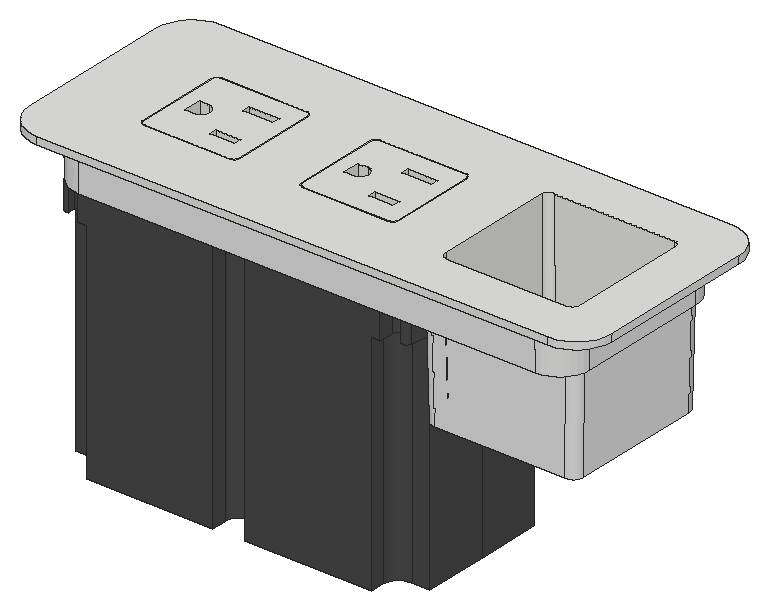
Revit family "Electrical-Teknion-YEFPW_Flush_Power_Module_WE_Connect-R2022", category Furniture, Revit 2023
Family settings
  OmniClass Number = 23.40.20.00
  OmniClass Title = General Furniture and Specialties
  Work Plane-Based = No
  Enable Cutting in Views = No
  Always vertical = Yes
  Cut with Voids When Loaded = No
  Render Appearance Source = Family Geometry
  Shared = Yes
  Room Calculation Point = No
Parameters (values of type "Rectangular Faceplate")
  Width [instance] = if([AH - Dual], 4.724", 6.496")  # 6.496"
  Warranty = "http://www.teknion.com/ca/papers/legal-canada"
  Unit Weight URL = "http://www.teknion.com/ca/tools/assets#&asset=bee6a381-b954-425e-8283-5a2de3a804f2,f828d448-4b62-4231-9e5f-9a8991c0ed77"
  URL = "www.teknion.com"
  Triple Configuration Options [instance] = "Only Pick One from Below"  # constant formula
  Triple - 3 - USB (65W) [instance] = [AZ - 2 Power/ 1 USB - A+C (65W)]  # no
  Triple - 3 - USB (18W) [instance] = [BA - 2 Power/ 1 USB -  A+C (18W)]  # no
  Triple - 3 - Power [instance] = [BJ - 3 Power]  # no
  Triple - 2 - USB (65W) [instance] = and([T - Rectangular With Pass Through], [AJ - 1 Power/ 1 USB - A+C (65W)])  # no
  Triple - 2 - USB (18W) [instance] = and([T - Rectangular With Pass Through], [AM - 1 Power/ 1 USB - A+C (18W)])  # no
  Triple - 2 - Power [instance] = or([AZ - 2 Power/ 1 USB - A+C (65W)], [BA - 2 Power/ 1 USB -  A+C (18W)], [BJ - 3 Power], (and([T - Rectangular With Pass Through], [AS - 2 Power])))  # yes
  Triple - 1 - Power [instance] = or([AZ - 2 Power/ 1 USB - A+C (65W)], [BA - 2 Power/ 1 USB -  A+C (18W)], [BJ - 3 Power], (and([T - Rectangular With Pass Through], [AJ - 1 Power/ 1 USB - A+C (65W)])), (and([T - Rectangular With Pass Through], [AM - 1 Power/ 1 USB - A+C (18W)])), (and([T - Rectangular With Pass Through], [AS - 2 Power])))  # yes
  To render please download texture images found here [instance] = "https://assets.teknion.com/web/5e81352c1dfdb467/revit-material-swatches/"
  T - Rectangular With Pass Through = yes
  Sustainability Data = "https://www.teknion.com/ca/tools/assets#&topic=216f99a5-57a0-44fc-b10a-9dee9b29ae4c&asset=444deb64-fe58-4b68-981e-f75e97781df7,b4ff2d81-9f2e-437d-9659-7cffb09c31cf"
  Series = "Power Accessories"  # constant formula
  Receptacle Finish [instance] = Plastic - Teknion - 8D - Atrium White
  R - Rectangular = no
  Product Page URL = "https://www.teknion.com/ca/product/accessories/power-accessories"
  Product Line = "Electrical"  # constant formula
  Product Documentation Link = "https://www.teknion.com/pricing/complements/pdfs/YEFPW_ppg.pdf"
  Part Number = "YEFPW"  # constant formula
  Model = "YEFPWR___"
  Manufacturer Phone = "416-661-3370"  # constant formula
  Manufacturer Fax = "416.661.4586"  # constant formula
  Manufacturer Contact Information = "http://www.teknion.com/ca/contactus"
  Manufacturer Address = "1150 Flint Road, Toronto, ON. M3J 2J5. Canada"  # constant formula
  Manufacturer = "Teknion"  # constant formula
  MR - T + AJ [instance] = and([T - Rectangular With Pass Through], [AJ - Triple])  # yes
  MR - R + AJ [instance] = and([R - Rectangular], [AJ - Triple])  # no
  MR - R + AH [instance] = and([R - Rectangular], [AH - Dual])  # no
  MR - C + AH [instance] = and([C - Circular], [AH - Dual])  # no
  How To Use Teknion Materials User Guide [instance] = "https://assets.teknion.com/m/205dd0a49fa58060/original/How-to-add-a-Material-Library-and-Texture-Images-to-your-Revit-project.pdf"
  For Additional Finishes please visit [instance] = "https://assets.teknion.com/m/44a8009b046e5d47/original/Teknion_Materials_Library.zip"
  Faceplate Style = "Only Pick One from Below"  # constant formula
  Faceplate Finish [instance] = Paint - Teknion - Foundation - Crisp Grey
  Faceplate - R + AJ [instance] = and([R - Rectangular], [AJ - Triple])  # no
  Faceplate - R + AH [instance] = and([R - Rectangular], [AH - Dual])  # no
  Electrical Cut Out [instance] = if([C - Circular], "Only dual cut out available for circular faceplate.", if([T - Rectangular With Pass Through], "Only triple cut out available for rectangular with pass through faceplate.", "Select one option for electrical cut out."))  # "Only triple cut out available for rectangular with pass through faceplate."
  Dual Configuration Options [instance] = "Only Pick One from Below"  # constant formula
  Dual - 2 - USB (65W) [instance] = and([AH - Dual], [AJ - 1 Power/ 1 USB - A+C (65W)])  # no
  Dual - 2 - USB (18W) [instance] = and([AH - Dual], [AM - 1 Power/ 1 USB - A+C (18W)])  # no
  Dual - 2 - Power [instance] = and([AH - Dual], [AS - 2 Power])  # no
  Dual - 1 - Power [instance] = and([AH - Dual], (or([AJ - 1 Power/ 1 USB - A+C (65W)], [AM - 1 Power/ 1 USB - A+C (18W)], [AS - 2 Power])))  # no
  Description = "Flush Power Module, WE Connect, Rectangular Faceplate Style"
  Depth [instance] = if([C - Circular], 4.724", 2.559")  # 2.559"
  Default Elevation = 0.000"
  Configuration [instance] = if([C - Circular], "Select one option only for configuration. Only AJ, AM & AS available for circular faceplate.", if([T - Rectangular With Pass Through], "Select one option only for configuration. Only AJ, AM & AS available for rectangular with pass through faceplate.", "Select one option only for configuration. AJ, AM & AS available for dual electrical cut out. AZ, BA, BJ available for triple electrical cut out."))  # "Select one option only for configuration. Only AJ, AM & AS available for rectangular with pass through faceplate."
  C - Circular = no
  Body 3 - 3R [instance] = and([R - Rectangular], [AJ - Triple])  # no
  Body 2 - T [instance] = and([T - Rectangular With Pass Through], [AJ - Triple])  # yes
  Body 2 - C & 2R [instance] = and((or([C - Circular], [R - Rectangular])), [AH - Dual])  # no
  BJ - 3 Power [instance] = no
  BA - 2 Power/ 1 USB -  A+C (18W) [instance] = no
  Assembly Code = "E2020200"
  AZ - 2 Power/ 1 USB - A+C (65W) [instance] = no
  AS - 2 Power [instance] = yes
  AM - 1 Power/ 1 USB - A+C (18W) [instance] = no
  AJ - Triple [instance] = yes
  AJ - 1 Power/ 1 USB - A+C (65W) [instance] = no
  AH - Dual [instance] = no
  2D - T = [T - Rectangular With Pass Through]  # yes
  2D - R + AJ [instance] = and([R - Rectangular], [AJ - Triple])  # no
  2D - AH [instance] = [AH - Dual]  # no
Reference planes (in)
  plane 1 "Center Front/Back": y = 0
  plane 2: z = 0
  plane 3 "Center Left/Right": x = 0
  plane 4 "Left": x = -2.362
  plane 5 "Right": x = 2.362
  plane 6 "Back": y = 2.362
  plane 7 "Front": y = -2.362
  plane 8 "Top": z = 29.07874
  plane 9: z = 29
  plane 10: z = 25.69291
  plane 11: x = -3.248
  plane 12: x = 3.248
  plane 13: y = 1.2795
  plane 14: y = -1.2795
Forms (in)
  Sweep 1, solid, material "Paint - Teknion - Foundation - Crisp Grey" <- "Faceplate Finish", visible <- "C - Circular"
    path origin (0, 0, 0) x (1, 0, 0) y (0, 0, 1)
      loop
        line (0, 29.07874) -> (0, 29)
    profile origin (0, 0, 29.03937) x (0, -1, 0) y (1, 0, 0)
      loop
        circle (0, 0) r 2.3622
      loop
        arc (0.47383, -1.42854) -> (0.52254, -1.40836) -> (0.54271, -1.35965) r 0.06889
        line (0.54271, -1.35965) -> (0.54271, -0.412)
        arc (0.54271, -0.412) -> (0.52254, -0.36329) -> (0.47383, -0.34311) r 0.06889
        line (0.47383, -0.34311) -> (-0.47383, -0.34311)
        arc (-0.47383, -0.34311) -> (-0.52254, -0.36329) -> (-0.54271, -0.412) r 0.06889
        line (-0.54271, -0.412) -> (-0.54271, -1.35965)
        arc (-0.54271, -1.35965) -> (-0.52254, -1.40836) -> (-0.47383, -1.42854) r 0.06889
        line (-0.47383, -1.42854) -> (0.47383, -1.42854)
      loop
        line (0.47383, 1.42854) -> (-0.47383, 1.42854)
        arc (-0.47383, 1.42854) -> (-0.52254, 1.40836) -> (-0.54271, 1.35965) r 0.06889
        line (-0.54271, 1.35965) -> (-0.54271, 0.412)
        arc (-0.54271, 0.412) -> (-0.52254, 0.36329) -> (-0.47383, 0.34311) r 0.06889
        line (-0.47383, 0.34311) -> (0.47383, 0.34311)
        arc (0.47383, 0.34311) -> (0.52254, 0.36329) -> (0.54271, 0.412) r 0.06889
        line (0.54271, 0.412) -> (0.54271, 1.35965)
        arc (0.54271, 1.35965) -> (0.52254, 1.40836) -> (0.47383, 1.42854) r 0.06889
  SweptBlend 2, solid, material "Paint - Teknion - Foundation - Crisp Grey" <- "Faceplate Finish", visible <- "C - Circular"
    path origin (0, 0, 0) x (1, 0, 0) y (0, 0, 1)
      loop
        line (0, 29) -> (0, 28.52756)
    profile origin (0, 0, 29) x (0, -1, 0) y (1, 0, 0)
      loop
        arc (-1.08243, -1.66561) -> (-0.98226, -1.90745) -> (-0.74041, -2.00763) r 0.34202
        line (-0.74041, -2.00763) -> (0.74041, -2.00763)
        arc (0.74041, -2.00763) -> (0.98226, -1.90745) -> (1.08243, -1.66561) r 0.34202
        line (1.08243, -1.66561) -> (1.08243, 1.66561)
        arc (1.08243, 1.66561) -> (0.98226, 1.90745) -> (0.74041, 2.00763) r 0.34202
        line (0.74041, 2.00763) -> (-0.74041, 2.00763)
        arc (-0.74041, 2.00763) -> (-0.98226, 1.90745) -> (-1.08243, 1.66561) r 0.34202
        line (-1.08243, 1.66561) -> (-1.08243, -1.66561)
    end profile origin (0, 0, 28.52756) x (0, -1, 0) y (1, 0, 0)
      loop
        arc (-1.07443, -1.66561) -> (-0.9766, -1.9018) -> (-0.74041, -1.99963) r 0.33402
        line (-0.74041, -1.99963) -> (0.74041, -1.99963)
        arc (0.74041, -1.99963) -> (0.9766, -1.9018) -> (1.07443, -1.66561) r 0.33402
        line (1.07443, -1.66561) -> (1.07443, 1.66561)
        arc (1.07443, 1.66561) -> (0.9766, 1.9018) -> (0.74041, 1.99963) r 0.33402
        line (0.74041, 1.99963) -> (-0.74041, 1.99963)
        arc (-0.74041, 1.99963) -> (-0.9766, 1.9018) -> (-1.07443, 1.66561) r 0.33402
        line (-1.07443, 1.66561) -> (-1.07443, -1.66561)
  SweptBlend 3, void
    path origin (0, 0, 0) x (1, 0, 0) y (0, 0, 1)
      loop
        line (0, 29) -> (0, 28.52756)
    profile origin (0, 0, 29) x (0, -1, 0) y (1, 0, 0)
      loop
        line (-1.00234, -0.1345) -> (-1.00234, -1.67361)
        arc (-1.00234, -1.67361) -> (-0.81111, -1.67127) -> (-0.80172, -1.86228) r 0.1378
        arc (-0.80172, -1.86228) -> (-0.8079, -1.90446) -> (-0.77206, -1.92754) r 0.03936
        line (-0.77206, -1.92754) -> (0.77206, -1.92754)
        arc (0.77206, -1.92754) -> (0.8079, -1.90446) -> (0.80172, -1.86228) r 0.03936
        arc (0.80172, -1.86228) -> (0.81111, -1.67127) -> (1.00234, -1.67361) r 0.1378
        line (1.00234, -1.67361) -> (1.00234, -0.1345)
        arc (1.00234, -0.1345) -> (0.73979, 0) -> (1.00234, 0.1345) r 0.16573
        line (1.00234, 0.1345) -> (1.00234, 1.67361)
        arc (1.00234, 1.67361) -> (0.81111, 1.67127) -> (0.80172, 1.86228) r 0.1378
        arc (0.80172, 1.86228) -> (0.8079, 1.90446) -> (0.77206, 1.92754) r 0.03936
        line (0.77206, 1.92754) -> (-0.77206, 1.92754)
        arc (-0.77206, 1.92754) -> (-0.8079, 1.90446) -> (-0.80172, 1.86228) r 0.03936
        arc (-0.80172, 1.86228) -> (-0.81111, 1.67127) -> (-1.00234, 1.67361) r 0.1378
        line (-1.00234, 1.67361) -> (-1.00234, 0.1345)
        arc (-1.00234, 0.1345) -> (-0.73979, 0) -> (-1.00234, -0.1345) r 0.16573
    end profile origin (0, 0, 28.52756) x (0, -1, 0) y (1, 0, 0)
      loop
        line (-0.9944, -0.14927) -> (-0.9944, -1.65609)
        arc (-0.9944, -1.65609) -> (-0.79927, -1.67181) -> (-0.79569, -1.86755) r 0.1458
        arc (-0.79569, -1.86755) -> (-0.80062, -1.90115) -> (-0.77206, -1.91954) r 0.03136
        line (-0.77206, -1.91954) -> (0.77206, -1.91954)
        arc (0.77206, -1.91954) -> (0.80062, -1.90115) -> (0.79569, -1.86755) r 0.03136
        arc (0.79569, -1.86755) -> (0.79927, -1.67181) -> (0.9944, -1.65609) r 0.1458
        line (0.9944, -1.65609) -> (0.9944, -0.14927)
        arc (0.9944, -0.14927) -> (0.73179, 0) -> (0.9944, 0.14927) r 0.17373
        line (0.9944, 0.14927) -> (0.9944, 1.65609)
        arc (0.9944, 1.65609) -> (0.79927, 1.67181) -> (0.79569, 1.86755) r 0.1458
        arc (0.79569, 1.86755) -> (0.80062, 1.90115) -> (0.77206, 1.91954) r 0.03136
        line (0.77206, 1.91954) -> (-0.77206, 1.91954)
        arc (-0.77206, 1.91954) -> (-0.80062, 1.90115) -> (-0.79569, 1.86755) r 0.03136
        arc (-0.79569, 1.86755) -> (-0.79927, 1.67181) -> (-0.9944, 1.65609) r 0.1458
        line (-0.9944, 1.65609) -> (-0.9944, 0.14927)
        arc (-0.9944, 0.14927) -> (-0.73179, 0) -> (-0.9944, -0.14927) r 0.17373
  SweptBlend 4, solid, material "Paint - Teknion - Foundation - Crisp Grey" <- "Faceplate Finish", visible <- "Faceplate - R + AH"
    path origin (0, 0, 0) x (1, 0, 0) y (0, 0, 1)
      loop
        line (0, 29) -> (0, 28.52756)
    profile origin (0, 0, 29) x (0, -1, 0) y (1, 0, 0)
      loop
        arc (-1.08243, -1.66561) -> (-0.98226, -1.90745) -> (-0.74041, -2.00763) r 0.34202
        line (-0.74041, -2.00763) -> (0.74041, -2.00763)
        arc (0.74041, -2.00763) -> (0.98226, -1.90745) -> (1.08243, -1.66561) r 0.34202
        line (1.08243, -1.66561) -> (1.08243, 1.66561)
        arc (1.08243, 1.66561) -> (0.98226, 1.90745) -> (0.74041, 2.00763) r 0.34202
        line (0.74041, 2.00763) -> (-0.74041, 2.00763)
        arc (-0.74041, 2.00763) -> (-0.98226, 1.90745) -> (-1.08243, 1.66561) r 0.34202
        line (-1.08243, 1.66561) -> (-1.08243, -1.66561)
    end profile origin (0, 0, 28.52756) x (0, -1, 0) y (1, 0, 0)
      loop
        arc (-1.07443, -1.66561) -> (-0.9766, -1.9018) -> (-0.74041, -1.99963) r 0.33402
        line (-0.74041, -1.99963) -> (0.74041, -1.99963)
        arc (0.74041, -1.99963) -> (0.9766, -1.9018) -> (1.07443, -1.66561) r 0.33402
        line (1.07443, -1.66561) -> (1.07443, 1.66561)
        arc (1.07443, 1.66561) -> (0.9766, 1.9018) -> (0.74041, 1.99963) r 0.33402
        line (0.74041, 1.99963) -> (-0.74041, 1.99963)
        arc (-0.74041, 1.99963) -> (-0.9766, 1.9018) -> (-1.07443, 1.66561) r 0.33402
        line (-1.07443, 1.66561) -> (-1.07443, -1.66561)
  SweptBlend 5, void
    path origin (0, 0, 0) x (1, 0, 0) y (0, 0, 1)
      loop
        line (0, 29) -> (0, 28.52756)
    profile origin (0, 0, 29) x (0, -1, 0) y (1, 0, 0)
      loop
        line (-1.00234, -0.1345) -> (-1.00234, -1.67361)
        arc (-1.00234, -1.67361) -> (-0.81111, -1.67127) -> (-0.80172, -1.86228) r 0.1378
        arc (-0.80172, -1.86228) -> (-0.8079, -1.90446) -> (-0.77206, -1.92754) r 0.03936
        line (-0.77206, -1.92754) -> (0.77206, -1.92754)
        arc (0.77206, -1.92754) -> (0.8079, -1.90446) -> (0.80172, -1.86228) r 0.03936
        arc (0.80172, -1.86228) -> (0.81111, -1.67127) -> (1.00234, -1.67361) r 0.1378
        line (1.00234, -1.67361) -> (1.00234, -0.1345)
        arc (1.00234, -0.1345) -> (0.73979, 0) -> (1.00234, 0.1345) r 0.16573
        line (1.00234, 0.1345) -> (1.00234, 1.67361)
        arc (1.00234, 1.67361) -> (0.81111, 1.67127) -> (0.80172, 1.86228) r 0.1378
        arc (0.80172, 1.86228) -> (0.8079, 1.90446) -> (0.77206, 1.92754) r 0.03936
        line (0.77206, 1.92754) -> (-0.77206, 1.92754)
        arc (-0.77206, 1.92754) -> (-0.8079, 1.90446) -> (-0.80172, 1.86228) r 0.03936
        arc (-0.80172, 1.86228) -> (-0.81111, 1.67127) -> (-1.00234, 1.67361) r 0.1378
        line (-1.00234, 1.67361) -> (-1.00234, 0.1345)
        arc (-1.00234, 0.1345) -> (-0.73979, 0) -> (-1.00234, -0.1345) r 0.16573
    end profile origin (0, 0, 28.52756) x (0, -1, 0) y (1, 0, 0)
      loop
        line (-0.9944, -0.14927) -> (-0.9944, -1.65609)
        arc (-0.9944, -1.65609) -> (-0.79927, -1.67181) -> (-0.79569, -1.86755) r 0.1458
        arc (-0.79569, -1.86755) -> (-0.80062, -1.90115) -> (-0.77206, -1.91954) r 0.03136
        line (-0.77206, -1.91954) -> (0.77206, -1.91954)
        arc (0.77206, -1.91954) -> (0.80062, -1.90115) -> (0.79569, -1.86755) r 0.03136
        arc (0.79569, -1.86755) -> (0.79927, -1.67181) -> (0.9944, -1.65609) r 0.1458
        line (0.9944, -1.65609) -> (0.9944, -0.14927)
        arc (0.9944, -0.14927) -> (0.73179, 0) -> (0.9944, 0.14927) r 0.17373
        line (0.9944, 0.14927) -> (0.9944, 1.65609)
        arc (0.9944, 1.65609) -> (0.79927, 1.67181) -> (0.79569, 1.86755) r 0.1458
        arc (0.79569, 1.86755) -> (0.80062, 1.90115) -> (0.77206, 1.91954) r 0.03136
        line (0.77206, 1.91954) -> (-0.77206, 1.91954)
        arc (-0.77206, 1.91954) -> (-0.80062, 1.90115) -> (-0.79569, 1.86755) r 0.03136
        arc (-0.79569, 1.86755) -> (-0.79927, 1.67181) -> (-0.9944, 1.65609) r 0.1458
        line (-0.9944, 1.65609) -> (-0.9944, 0.14927)
        arc (-0.9944, 0.14927) -> (-0.73179, 0) -> (-0.9944, -0.14927) r 0.17373
  Sweep 6, solid, material "Paint - Teknion - Foundation - Crisp Grey" <- "Faceplate Finish", visible <- "Faceplate - R + AH"
    path origin (0, 0, 0) x (1, 0, 0) y (0, 0, 1)
      loop
        line (0, 29.07874) -> (0, 29)
    profile origin (0, 0, 29.03937) x (0, -1, 0) y (1, 0, 0)
      loop
        line (-1.27953, 1.96719) -> (-1.27953, -1.96719)
        arc (-1.27953, -1.96719) -> (-1.16423, -2.24554) -> (-0.88589, -2.36083) r 0.39364
        line (-0.88589, -2.36083) -> (0.88589, -2.36083)
        arc (0.88589, -2.36083) -> (1.16423, -2.24554) -> (1.27953, -1.96719) r 0.39364
        line (1.27953, -1.96719) -> (1.27953, 1.96719)
        arc (1.27953, 1.96719) -> (1.16423, 2.24554) -> (0.88589, 2.36083) r 0.39364
        line (0.88589, 2.36083) -> (-0.88589, 2.36083)
        arc (-0.88589, 2.36083) -> (-1.16423, 2.24554) -> (-1.27953, 1.96719) r 0.39364
      loop
        arc (-0.54271, -1.35965) -> (-0.52254, -1.40836) -> (-0.47383, -1.42854) r 0.06889
        line (-0.47383, -1.42854) -> (0.47383, -1.42854)
        arc (0.47383, -1.42854) -> (0.52254, -1.40836) -> (0.54271, -1.35965) r 0.06889
        line (0.54271, -1.35965) -> (0.54271, -0.412)
        arc (0.54271, -0.412) -> (0.52254, -0.36329) -> (0.47383, -0.34311) r 0.06889
        line (0.47383, -0.34311) -> (-0.47383, -0.34311)
        arc (-0.47383, -0.34311) -> (-0.52254, -0.36329) -> (-0.54271, -0.412) r 0.06889
        line (-0.54271, -0.412) -> (-0.54271, -1.35965)
      loop
        arc (-0.54271, 0.412) -> (-0.52254, 0.36329) -> (-0.47383, 0.34311) r 0.06889
        line (-0.47383, 0.34311) -> (0.47383, 0.34311)
        arc (0.47383, 0.34311) -> (0.52254, 0.36329) -> (0.54271, 0.412) r 0.06889
        line (0.54271, 0.412) -> (0.54271, 1.35965)
        arc (0.54271, 1.35965) -> (0.52254, 1.40836) -> (0.47383, 1.42854) r 0.06889
        line (0.47383, 1.42854) -> (-0.47383, 1.42854)
        arc (-0.47383, 1.42854) -> (-0.52254, 1.40836) -> (-0.54271, 1.35965) r 0.06889
        line (-0.54271, 1.35965) -> (-0.54271, 0.412)
  SweptBlend 7, solid, material "Paint - Teknion - Foundation - Crisp Grey" <- "Faceplate Finish", visible <- "Faceplate - R + AJ"
    path origin (-0.00003, 0, 0) x (1, 0, 0) y (0, 0, 1)
      loop
        line (0.00003, 29) -> (0.00003, 28.52756)
    profile origin (0, 0, 29) x (0, -1, 0) y (1, 0, 0)
      loop
        arc (0.74041, -2.89342) -> (0.98226, -2.79325) -> (1.08243, -2.5514) r 0.34202
        line (1.08243, -2.5514) -> (1.08243, 2.55147)
        arc (1.08243, 2.55147) -> (0.98226, 2.79331) -> (0.74041, 2.89349) r 0.34202
        line (0.74041, 2.89349) -> (-0.74041, 2.89349)
        arc (-0.74041, 2.89349) -> (-0.98226, 2.79331) -> (-1.08243, 2.55147) r 0.34202
        line (-1.08243, 2.55147) -> (-1.08243, -2.5514)
        arc (-1.08243, -2.5514) -> (-0.98226, -2.79325) -> (-0.74041, -2.89342) r 0.34202
        line (-0.74041, -2.89342) -> (0.74041, -2.89342)
    end profile origin (0, 0, 28.52756) x (0, -1, 0) y (1, 0, 0)
      loop
        arc (-1.07443, -2.5514) -> (-0.9766, -2.78759) -> (-0.74041, -2.88542) r 0.33402
        line (-0.74041, -2.88542) -> (0.74041, -2.88542)
        arc (0.74041, -2.88542) -> (0.9766, -2.78759) -> (1.07443, -2.5514) r 0.33402
        line (1.07443, -2.5514) -> (1.07443, 2.55147)
        arc (1.07443, 2.55147) -> (0.9766, 2.78765) -> (0.74041, 2.88549) r 0.33402
        line (0.74041, 2.88549) -> (-0.74041, 2.88549)
        arc (-0.74041, 2.88549) -> (-0.9766, 2.78765) -> (-1.07443, 2.55147) r 0.33402
        line (-1.07443, 2.55147) -> (-1.07443, -2.5514)
  SweptBlend 8, void
    path origin (0.00045, 0, 0) x (1, 0, 0) y (0, 0, 1)
      loop
        line (-0.886, 29) -> (-0.886, 28.52756)
    profile origin (-0.88555, 0, 29) x (0, -1, 0) y (1, 0, 0)
      loop
        line (-1.00234, -0.1345) -> (-1.00234, -1.67361)
        arc (-1.00234, -1.67361) -> (-0.81111, -1.67127) -> (-0.80172, -1.86228) r 0.1378
        arc (-0.80172, -1.86228) -> (-0.8079, -1.90446) -> (-0.77206, -1.92754) r 0.03936
        line (-0.77206, -1.92754) -> (0.77206, -1.92754)
        arc (0.77206, -1.92754) -> (0.8079, -1.90446) -> (0.80172, -1.86228) r 0.03936
        arc (0.80172, -1.86228) -> (0.81111, -1.67127) -> (1.00234, -1.67361) r 0.1378
        line (1.00234, -1.67361) -> (1.00234, -0.1345)
        arc (1.00234, -0.1345) -> (0.73979, 0) -> (1.00234, 0.1345) r 0.16573
        line (1.00234, 0.1345) -> (1.00234, 1.6366)
        arc (1.00234, 1.6366) -> (0.73979, 1.7711) -> (1.00234, 1.90559) r 0.16573
        line (1.00234, 1.90559) -> (1.00234, 3.44471)
        arc (1.00234, 3.44471) -> (0.81111, 3.44237) -> (0.80172, 3.63338) r 0.1378
        arc (0.80172, 3.63338) -> (0.8079, 3.67556) -> (0.77206, 3.69864) r 0.03936
        line (0.77206, 3.69864) -> (-0.77206, 3.69864)
        arc (-0.77206, 3.69864) -> (-0.8079, 3.67556) -> (-0.80172, 3.63338) r 0.03936
        arc (-0.80172, 3.63338) -> (-0.81111, 3.44237) -> (-1.00234, 3.44471) r 0.1378
        line (-1.00234, 3.44471) -> (-1.00234, 1.90559)
        arc (-1.00234, 1.90559) -> (-0.73979, 1.7711) -> (-1.00234, 1.6366) r 0.16573
        line (-1.00234, 1.6366) -> (-1.00234, 0.1345)
        arc (-1.00234, 0.1345) -> (-0.73979, 0) -> (-1.00234, -0.1345) r 0.16573
    end profile origin (-0.88555, 0, 28.52756) x (0, -1, 0) y (1, 0, 0)
      loop
        line (-0.9944, -0.14927) -> (-0.9944, -1.65609)
        arc (-0.9944, -1.65609) -> (-0.79927, -1.67181) -> (-0.79569, -1.86755) r 0.1458
        arc (-0.79569, -1.86755) -> (-0.80062, -1.90115) -> (-0.77206, -1.91954) r 0.03136
        line (-0.77206, -1.91954) -> (0.77206, -1.91954)
        arc (0.77206, -1.91954) -> (0.80062, -1.90115) -> (0.79569, -1.86755) r 0.03136
        arc (0.79569, -1.86755) -> (0.79927, -1.67181) -> (0.9944, -1.65609) r 0.1458
        line (0.9944, -1.65609) -> (0.9944, -0.14927)
        arc (0.9944, -0.14927) -> (0.73179, 0) -> (0.9944, 0.14927) r 0.17373
        line (0.9944, 0.14927) -> (0.9944, 1.62183)
        arc (0.9944, 1.62183) -> (0.73179, 1.7711) -> (0.9944, 1.92036) r 0.17373
        line (0.9944, 1.92036) -> (0.9944, 3.42718)
        arc (0.9944, 3.42718) -> (0.79927, 3.44291) -> (0.79569, 3.63864) r 0.1458
        arc (0.79569, 3.63864) -> (0.80062, 3.67225) -> (0.77206, 3.69064) r 0.03136
        line (0.77206, 3.69064) -> (-0.77206, 3.69064)
        arc (-0.77206, 3.69064) -> (-0.80062, 3.67225) -> (-0.79569, 3.63864) r 0.03136
        arc (-0.79569, 3.63864) -> (-0.79927, 3.44291) -> (-0.9944, 3.42718) r 0.1458
        line (-0.9944, 3.42718) -> (-0.9944, 1.92036)
        arc (-0.9944, 1.92036) -> (-0.73179, 1.7711) -> (-0.9944, 1.62183) r 0.17373
        line (-0.9944, 1.62183) -> (-0.9944, 0.14927)
        arc (-0.9944, 0.14927) -> (-0.73179, 0) -> (-0.9944, -0.14927) r 0.17373
  Sweep 9, solid, material "Paint - Teknion - Foundation - Crisp Grey" <- "Faceplate Finish", visible <- "Faceplate - R + AJ"
    path origin (0, 0, 0) x (1, 0, 0) y (0, 0, 1)
      loop
        line (0, 29.07874) -> (0, 29)
    profile origin (0, 0, 29.03937) x (0, -1, 0) y (1, 0, 0)
      loop
        arc (0.88589, -3.248) -> (1.16423, -3.13271) -> (1.27953, -2.85436) r 0.39364
        line (1.27953, -2.85436) -> (1.27953, 2.85436)
        arc (1.27953, 2.85436) -> (1.16423, 3.13271) -> (0.88589, 3.248) r 0.39364
        line (0.88589, 3.248) -> (-0.88589, 3.248)
        arc (-0.88589, 3.248) -> (-1.16423, 3.13271) -> (-1.27953, 2.85436) r 0.39364
        line (-1.27953, 2.85436) -> (-1.27953, -2.85436)
        arc (-1.27953, -2.85436) -> (-1.16423, -3.13271) -> (-0.88589, -3.248) r 0.39364
        line (-0.88589, -3.248) -> (0.88589, -3.248)
      loop
        arc (0.47383, -2.31434) -> (0.52254, -2.29416) -> (0.54271, -2.24545) r 0.06889
        line (0.54271, -2.24545) -> (0.54271, -1.2978)
        arc (0.54271, -1.2978) -> (0.52254, -1.24909) -> (0.47383, -1.22891) r 0.06889
        line (0.47383, -1.22891) -> (-0.47383, -1.22891)
        arc (-0.47383, -1.22891) -> (-0.52254, -1.24909) -> (-0.54271, -1.2978) r 0.06889
        line (-0.54271, -1.2978) -> (-0.54271, -2.24545)
        arc (-0.54271, -2.24545) -> (-0.52254, -2.29416) -> (-0.47383, -2.31434) r 0.06889
        line (-0.47383, -2.31434) -> (0.47383, -2.31434)
      loop
        line (0.47383, 2.31434) -> (-0.47383, 2.31434)
        arc (-0.47383, 2.31434) -> (-0.52254, 2.29416) -> (-0.54271, 2.24545) r 0.06889
        line (-0.54271, 2.24545) -> (-0.54271, 1.2978)
        arc (-0.54271, 1.2978) -> (-0.52254, 1.24909) -> (-0.47383, 1.22891) r 0.06889
        line (-0.47383, 1.22891) -> (0.47383, 1.22891)
        arc (0.47383, 1.22891) -> (0.52254, 1.24909) -> (0.54271, 1.2978) r 0.06889
        line (0.54271, 1.2978) -> (0.54271, 2.24545)
        arc (0.54271, 2.24545) -> (0.52254, 2.29416) -> (0.47383, 2.31434) r 0.06889
      loop
        line (0.47383, 0.54271) -> (-0.47383, 0.54271)
        arc (-0.47383, 0.54271) -> (-0.52254, 0.52254) -> (-0.54271, 0.47383) r 0.06889
        line (-0.54271, 0.47383) -> (-0.54271, -0.47383)
        arc (-0.54271, -0.47383) -> (-0.52254, -0.52254) -> (-0.47383, -0.54271) r 0.06889
        line (-0.47383, -0.54271) -> (0.47383, -0.54271)
        arc (0.47383, -0.54271) -> (0.52254, -0.52254) -> (0.54271, -0.47383) r 0.06889
        line (0.54271, -0.47383) -> (0.54271, 0.47383)
        arc (0.54271, 0.47383) -> (0.52254, 0.52254) -> (0.47383, 0.54271) r 0.06889
  SweptBlend 10, solid, material "Paint - Teknion - Foundation - Crisp Grey" <- "Faceplate Finish", visible <- "T - Rectangular With Pass Through"
    path origin (0, 0, 0) x (1, 0, 0) y (0, 0, 1)
      loop
        line (0, 29) -> (0, 28.52756)
    profile origin (0, 0, 29) x (0, -1, 0) y (1, 0, 0)
      loop
        arc (0.74041, -2.89342) -> (0.98226, -2.79325) -> (1.08243, -2.5514) r 0.34202
        line (1.08243, -2.5514) -> (1.08243, 2.55147)
        arc (1.08243, 2.55147) -> (0.98226, 2.79331) -> (0.74041, 2.89349) r 0.34202
        line (0.74041, 2.89349) -> (-0.74041, 2.89349)
        arc (-0.74041, 2.89349) -> (-0.98226, 2.79331) -> (-1.08243, 2.55147) r 0.34202
        line (-1.08243, 2.55147) -> (-1.08243, -2.5514)
        arc (-1.08243, -2.5514) -> (-0.98226, -2.79325) -> (-0.74041, -2.89342) r 0.34202
        line (-0.74041, -2.89342) -> (0.74041, -2.89342)
    end profile origin (0, 0, 28.52756) x (0, -1, 0) y (1, 0, 0)
      loop
        arc (-1.07443, -2.5514) -> (-0.9766, -2.78759) -> (-0.74041, -2.88542) r 0.33402
        line (-0.74041, -2.88542) -> (0.74041, -2.88542)
        arc (0.74041, -2.88542) -> (0.9766, -2.78759) -> (1.07443, -2.5514) r 0.33402
        line (1.07443, -2.5514) -> (1.07443, 2.55147)
        arc (1.07443, 2.55147) -> (0.9766, 2.78765) -> (0.74041, 2.88549) r 0.33402
        line (0.74041, 2.88549) -> (-0.74041, 2.88549)
        arc (-0.74041, 2.88549) -> (-0.9766, 2.78765) -> (-1.07443, 2.55147) r 0.33402
        line (-1.07443, 2.55147) -> (-1.07443, -2.5514)
  Sweep 11, solid, material "Paint - Teknion - Foundation - Crisp Grey" <- "Faceplate Finish", visible <- "T - Rectangular With Pass Through"
    path origin (0, 0, 0) x (1, 0, 0) y (0, 0, 1)
      loop
        line (0, 29.07874) -> (0, 29)
    profile origin (0, 0, 29.03937) x (0, -1, 0) y (1, 0, 0)
      loop
        line (-1.27953, 2.85436) -> (-1.27953, -2.85436)
        arc (-1.27953, -2.85436) -> (-1.16423, -3.13271) -> (-0.88589, -3.248) r 0.39364
        line (-0.88589, -3.248) -> (0.88589, -3.248)
        arc (0.88589, -3.248) -> (1.16423, -3.13271) -> (1.27953, -2.85436) r 0.39364
        line (1.27953, -2.85436) -> (1.27953, 2.85436)
        arc (1.27953, 2.85436) -> (1.16423, 3.13271) -> (0.88589, 3.248) r 0.39364
        line (0.88589, 3.248) -> (-0.88589, 3.248)
        arc (-0.88589, 3.248) -> (-1.16423, 3.13271) -> (-1.27953, 2.85436) r 0.39364
      loop
        arc (0.47383, -2.31434) -> (0.52254, -2.29416) -> (0.54271, -2.24545) r 0.06889
        line (0.54271, -2.24545) -> (0.54271, -1.2978)
        arc (0.54271, -1.2978) -> (0.52254, -1.24909) -> (0.47383, -1.22891) r 0.06889
        line (0.47383, -1.22891) -> (-0.47383, -1.22891)
        arc (-0.47383, -1.22891) -> (-0.52254, -1.24909) -> (-0.54271, -1.2978) r 0.06889
        line (-0.54271, -1.2978) -> (-0.54271, -2.24545)
        arc (-0.54271, -2.24545) -> (-0.52254, -2.29416) -> (-0.47383, -2.31434) r 0.06889
        line (-0.47383, -2.31434) -> (0.47383, -2.31434)
      loop
        arc (0.47383, -0.54271) -> (0.52254, -0.52254) -> (0.54271, -0.47383) r 0.06889
        line (0.54271, -0.47383) -> (0.54271, 0.47383)
        arc (0.54271, 0.47383) -> (0.52254, 0.52254) -> (0.47383, 0.54271) r 0.06889
        line (0.47383, 0.54271) -> (-0.47383, 0.54271)
        arc (-0.47383, 0.54271) -> (-0.52254, 0.52254) -> (-0.54271, 0.47383) r 0.06889
        line (-0.54271, 0.47383) -> (-0.54271, -0.47383)
        arc (-0.54271, -0.47383) -> (-0.52254, -0.52254) -> (-0.47383, -0.54271) r 0.06889
        line (-0.47383, -0.54271) -> (0.47383, -0.54271)
  SweptBlend 12, solid, material "Paint - Teknion - Foundation - Crisp Grey" <- "Faceplate Finish", visible <- "T - Rectangular With Pass Through"
    path origin (0, 0, 0) x (1, 0, 0) y (0, 0, 1)
      loop
        line (1.9685, 28.52756) -> (1.9685, 27.4252)
    profile origin (1.9685, 0, 28.52756) x (0, -1, 0) y (1, 0, 0)
      loop
        arc (0.8657, 0.74761) -> (0.83111, 0.83111) -> (0.74761, 0.8657) r 0.11809
        line (0.74761, 0.8657) -> (-0.74761, 0.8657)
        arc (-0.74761, 0.8657) -> (-0.83111, 0.83111) -> (-0.8657, 0.74761) r 0.11809
        line (-0.8657, 0.74761) -> (-0.8657, -0.74761)
        arc (-0.8657, -0.74761) -> (-0.83111, -0.83111) -> (-0.74761, -0.8657) r 0.11809
        line (-0.74761, -0.8657) -> (0.74761, -0.8657)
        arc (0.74761, -0.8657) -> (0.83111, -0.83111) -> (0.8657, -0.74761) r 0.11809
        line (0.8657, -0.74761) -> (0.8657, 0.74761)
    end profile origin (1.9685, 0, 27.4252) x (0, -1, 0) y (1, 0, 0)
      loop
        line (-0.84646, 0.72836) -> (-0.84646, -0.72836)
        arc (-0.84646, -0.72836) -> (-0.81187, -0.81187) -> (-0.72836, -0.84646) r 0.11809
        line (-0.72836, -0.84646) -> (0.72836, -0.84646)
        arc (0.72836, -0.84646) -> (0.81187, -0.81187) -> (0.84646, -0.72836) r 0.11809
        line (0.84646, -0.72836) -> (0.84646, 0.72836)
        arc (0.84646, 0.72836) -> (0.81187, 0.81187) -> (0.72836, 0.84646) r 0.11809
        line (0.72836, 0.84646) -> (-0.72836, 0.84646)
        arc (-0.72836, 0.84646) -> (-0.81187, 0.81187) -> (-0.84646, 0.72836) r 0.11809
  SweptBlend 13, void
    path origin (0, 0, 0) x (1, 0, 0) y (0, 0, 1)
      loop
        line (1.9685, 29.07874) -> (1.9685, 27.66142)
    profile origin (1.9685, 0, 29.07874) x (0, -1, 0) y (1, 0, 0)
      loop
        arc (0.67068, -0.74941) -> (0.72635, -0.72635) -> (0.74941, -0.67068) r 0.07873
        line (0.74941, -0.67068) -> (0.74941, 0.67068)
        arc (0.74941, 0.67068) -> (0.72635, 0.72635) -> (0.67068, 0.74941) r 0.07873
        line (0.67068, 0.74941) -> (-0.67068, 0.74941)
        arc (-0.67068, 0.74941) -> (-0.72635, 0.72635) -> (-0.74941, 0.67068) r 0.07873
        line (-0.74941, 0.67068) -> (-0.74941, -0.67068)
        arc (-0.74941, -0.67068) -> (-0.72635, -0.72635) -> (-0.67068, -0.74941) r 0.07873
        line (-0.67068, -0.74941) -> (0.67068, -0.74941)
    end profile origin (1.9685, 0, 27.66142) x (0, -1, 0) y (1, 0, 0)
      loop
        line (-0.64594, -0.72467) -> (0.64594, -0.72467)
        arc (0.64594, -0.72467) -> (0.70161, -0.70161) -> (0.72467, -0.64594) r 0.07873
        line (0.72467, -0.64594) -> (0.72467, 0.64594)
        arc (0.72467, 0.64594) -> (0.70161, 0.70161) -> (0.64594, 0.72467) r 0.07873
        line (0.64594, 0.72467) -> (-0.64594, 0.72467)
        arc (-0.64594, 0.72467) -> (-0.70161, 0.70161) -> (-0.72467, 0.64594) r 0.07873
        line (-0.72467, 0.64594) -> (-0.72467, -0.64594)
        arc (-0.72467, -0.64594) -> (-0.70161, -0.70161) -> (-0.64594, -0.72467) r 0.07873
  SweptBlend 14, void
    path origin (0, 0, 0) x (1, 0, 0) y (0, 0, 1)
      loop
        line (1.9685, 27.66142) -> (1.9685, 27.4252)
    profile origin (1.9685, 0, 27.66142) x (0, -1, 0) y (1, 0, 0)
      loop
        line (0.64593, -0.42371) -> (0.64593, 0.42371)
        arc (0.64593, 0.42371) -> (0.46625, 0.46625) -> (0.42371, 0.64593) r 0.17579
        line (0.42371, 0.64593) -> (-0.42371, 0.64593)
        arc (-0.42371, 0.64593) -> (-0.46625, 0.46625) -> (-0.64593, 0.42371) r 0.17579
        line (-0.64593, 0.42371) -> (-0.64593, -0.42371)
        arc (-0.64593, -0.42371) -> (-0.46625, -0.46625) -> (-0.42371, -0.64593) r 0.17579
        line (-0.42371, -0.64593) -> (0.42371, -0.64593)
        arc (0.42371, -0.64593) -> (0.46625, -0.46625) -> (0.64593, -0.42371) r 0.17579
    end profile origin (1.9685, 0, 27.4252) x (0, -1, 0) y (1, 0, 0)
      loop
        line (0.72054, -0.47426) -> (0.72054, 0.47426)
        arc (0.72054, 0.47426) -> (0.46722, 0.46722) -> (0.47426, 0.72054) r 0.17442
        line (0.47426, 0.72054) -> (-0.47426, 0.72054)
        arc (-0.47426, 0.72054) -> (-0.46722, 0.46722) -> (-0.72054, 0.47426) r 0.17442
        line (-0.72054, 0.47426) -> (-0.72054, -0.47426)
        arc (-0.72054, -0.47426) -> (-0.46722, -0.46722) -> (-0.47426, -0.72054) r 0.17442
        line (-0.47426, -0.72054) -> (0.47426, -0.72054)
        arc (0.47426, -0.72054) -> (0.46722, -0.46722) -> (0.72054, -0.47426) r 0.17442
  SweptBlend 15, void
    path origin (-0.88555, 0, 0) x (1, 0, 0) y (0, 0, 1)
      loop
        line (0, 29) -> (0, 28.52756)
    profile origin (-0.88555, 0, 29) x (0, -1, 0) y (1, 0, 0)
      loop
        line (-1.00234, -0.1345) -> (-1.00234, -1.67361)
        arc (-1.00234, -1.67361) -> (-0.81111, -1.67127) -> (-0.80172, -1.86228) r 0.1378
        arc (-0.80172, -1.86228) -> (-0.8079, -1.90446) -> (-0.77206, -1.92754) r 0.03936
        line (-0.77206, -1.92754) -> (0.77206, -1.92754)
        arc (0.77206, -1.92754) -> (0.8079, -1.90446) -> (0.80172, -1.86228) r 0.03936
        arc (0.80172, -1.86228) -> (0.81111, -1.67127) -> (1.00234, -1.67361) r 0.1378
        line (1.00234, -1.67361) -> (1.00234, -0.1345)
        arc (1.00234, -0.1345) -> (0.73979, 0) -> (1.00234, 0.1345) r 0.16573
        line (1.00234, 0.1345) -> (1.00234, 1.67309)
        arc (1.00234, 1.67309) -> (0.81111, 1.67075) -> (0.80172, 1.86176) r 0.1378
        arc (0.80172, 1.86176) -> (0.8079, 1.90393) -> (0.77206, 1.92701) r 0.03936
        line (0.77206, 1.92701) -> (-0.77206, 1.92701)
        arc (-0.77206, 1.92701) -> (-0.8079, 1.90393) -> (-0.80172, 1.86176) r 0.03936
        arc (-0.80172, 1.86176) -> (-0.81111, 1.67075) -> (-1.00234, 1.67309) r 0.1378
        line (-1.00234, 1.67309) -> (-1.00234, 0.1345)
        arc (-1.00234, 0.1345) -> (-0.73979, 0) -> (-1.00234, -0.1345) r 0.16573
    end profile origin (-0.88555, 0, 28.52756) x (0, -1, 0) y (1, 0, 0)
      loop
        line (-0.9944, -0.14927) -> (-0.9944, -1.65609)
        arc (-0.9944, -1.65609) -> (-0.79927, -1.67181) -> (-0.79569, -1.86755) r 0.1458
        arc (-0.79569, -1.86755) -> (-0.80062, -1.90115) -> (-0.77206, -1.91954) r 0.03136
        line (-0.77206, -1.91954) -> (0.77206, -1.91954)
        arc (0.77206, -1.91954) -> (0.80062, -1.90115) -> (0.79569, -1.86755) r 0.03136
        arc (0.79569, -1.86755) -> (0.79927, -1.67181) -> (0.9944, -1.65609) r 0.1458
        line (0.9944, -1.65609) -> (0.9944, -0.14927)
        arc (0.9944, -0.14927) -> (0.73179, 0) -> (0.9944, 0.14927) r 0.17373
        line (0.9944, 0.14927) -> (0.9944, 1.65556)
        arc (0.9944, 1.65556) -> (0.79927, 1.67129) -> (0.79569, 1.86702) r 0.1458
        arc (0.79569, 1.86702) -> (0.80062, 1.90062) -> (0.77206, 1.91901) r 0.03136
        line (0.77206, 1.91901) -> (-0.77206, 1.91901)
        arc (-0.77206, 1.91901) -> (-0.80062, 1.90062) -> (-0.79569, 1.86702) r 0.03136
        arc (-0.79569, 1.86702) -> (-0.79927, 1.67129) -> (-0.9944, 1.65556) r 0.1458
        line (-0.9944, 1.65556) -> (-0.9944, 0.14927)
        arc (-0.9944, 0.14927) -> (-0.73179, 0) -> (-0.9944, -0.14927) r 0.17373
  Sweep 16, void
    path origin (0, 0, 0) x (1, 0, 0) y (0, 0, 1)
      loop
        line (1.98819, 27.83858) -> (1.98819, 27.44832)
    profile origin (1.98819, 0, 27.64345) x (0, -1, 0) y (1, 0, 0)
      loop
        arc (0.64593, 0.40403) -> (0.46625, 0.44656) -> (0.42371, 0.62624) r 0.17579
        line (0.42371, 0.62624) -> (-0.42371, 0.62624)
        arc (-0.42371, 0.62624) -> (-0.46625, 0.44656) -> (-0.64593, 0.40403) r 0.17579
        line (-0.64593, 0.40403) -> (-0.64593, -0.4434)
        arc (-0.64593, -0.4434) -> (-0.46625, -0.48593) -> (-0.42371, -0.66561) r 0.17579
        line (-0.42371, -0.66561) -> (0.42371, -0.66561)
        arc (0.42371, -0.66561) -> (0.46625, -0.48593) -> (0.64593, -0.4434) r 0.17579
        line (0.64593, -0.4434) -> (0.64593, 0.40403)
  Sweep 17, void
    path origin (0, 0, 0) x (1, 0, 0) y (0, 0, 1)
      loop
        line (1.97548, 27.97405) -> (1.97548, 27.72405)
    profile origin (1.97548, 0, 27.84905) x (0, -1, 0) y (1, 0, 0)
      loop
        line (0.11812, -0.13901) -> (0.32053, -0.34143)
        arc (0.32053, -0.34143) -> (0.45238, -0.45935) -> (0.33445, -0.32751) r 0.08858
        line (0.33445, -0.32751) -> (0.12919, -0.1229)
        arc (0.12919, -0.1229) -> (0.17458, -0.00628) -> (0.13246, 0.11157) r 0.17896
        line (0.13246, 0.11157) -> (0.33445, 0.31356)
        arc (0.33445, 0.31356) -> (0.45238, 0.44541) -> (0.32053, 0.32748) r 0.08858
        line (0.32053, 0.32748) -> (0.12291, 0.12203)
        arc (0.12291, 0.12203) -> (0.00325, 0.16969) -> (-0.11728, 0.12426) r 0.1782
        line (-0.11728, 0.12426) -> (-0.32053, 0.32748)
        arc (-0.32053, 0.32748) -> (-0.45238, 0.44541) -> (-0.33445, 0.31356) r 0.08858
        line (-0.33445, 0.31356) -> (-0.13204, 0.11115)
        arc (-0.13204, 0.11115) -> (-0.17717, -0.00697) -> (-0.13204, -0.12509) r 0.17717
        line (-0.13204, -0.12509) -> (-0.33445, -0.32751)
        arc (-0.33445, -0.32751) -> (-0.45238, -0.45935) -> (-0.32053, -0.34143) r 0.08858
        line (-0.32053, -0.34143) -> (-0.11812, -0.13901)
        arc (-0.11812, -0.13901) -> (0, -0.18414) -> (0.11812, -0.13901) r 0.17717
  SweptBlend 18, solid, material "Plastic - Teknion - E - Ebony", visible <- "T - Rectangular With Pass Through"
    path origin (0, 0, 0) x (1, 0, 0) y (0, 0, 1)
      loop
        line (0, 27.89764) -> (0, 27.66142)
    profile origin (0, 0, 27.89764) x (0, -1, 0) y (1, 0, 0)
      loop
        line (-0.64972, 1.23972) -> (0.64972, 1.23972)
        arc (0.64972, 1.23972) -> (0.70563, 1.26288) -> (0.72879, 1.31879) r 0.07907
        line (0.72879, 1.31879) -> (0.72879, 2.61822)
        arc (0.72879, 2.61822) -> (0.70563, 2.67413) -> (0.64972, 2.69729) r 0.07907
        line (0.64972, 2.69729) -> (-0.64972, 2.69729)
        arc (-0.64972, 2.69729) -> (-0.70563, 2.67413) -> (-0.72879, 2.61822) r 0.07907
        line (-0.72879, 2.61822) -> (-0.72879, 1.31879)
        arc (-0.72879, 1.31879) -> (-0.70563, 1.26288) -> (-0.64972, 1.23972) r 0.07907
    end profile origin (0, 0, 27.66142) x (0, -1, 0) y (1, 0, 0)
      loop
        arc (-0.72467, 1.32257) -> (-0.70161, 1.2669) -> (-0.64594, 1.24384) r 0.07873
        line (-0.64594, 1.24384) -> (0.64594, 1.24384)
        arc (0.64594, 1.24384) -> (0.70161, 1.2669) -> (0.72467, 1.32257) r 0.07873
        line (0.72467, 1.32257) -> (0.72467, 2.61444)
        arc (0.72467, 2.61444) -> (0.70161, 2.67011) -> (0.64594, 2.69317) r 0.07873
        line (0.64594, 2.69317) -> (-0.64594, 2.69317)
        arc (-0.64594, 2.69317) -> (-0.70161, 2.67011) -> (-0.72467, 2.61444) r 0.07873
        line (-0.72467, 2.61444) -> (-0.72467, 1.32257)
Cuts and joins
  SweptBlend 3 cuts SweptBlend 2
  joined: Sweep 1, SweptBlend 2
  SweptBlend 5 cuts SweptBlend 4
  joined: SweptBlend 4, Sweep 6
  SweptBlend 8 cuts SweptBlend 7
  joined: SweptBlend 7, Sweep 9
  SweptBlend 13, SweptBlend 15 cuts SweptBlend 10
  SweptBlend 13 cuts Sweep 11
  SweptBlend 13, SweptBlend 14 cuts SweptBlend 12
  joined: SweptBlend 10, Sweep 11, SweptBlend 12
  Sweep 16, Sweep 17 cuts SweptBlend 18
Lines and regions (in)
  Masking region 1, visible <- "MR - C + AH"
    outline origin (0, 0, 0) x (1, 0, 0) y (0, 1, 0)
      loop
        circle (0, 0) r 2.3622
  Masking region 2, visible <- "MR - T + AJ"
    outline origin (0, 0, 0) x (1, 0, 0) y (0, 1, 0)
      loop
        line (2.09973, 0.11728) -> (2.30296, 0.32053)
        spline (2.30296, 0.32053) -> (2.34335, 0.30242) -> (2.38746, 0.30612) -> (2.42427, 0.33069) -> (2.4446, 0.37001) -> (2.44337, 0.41425) -> (2.42089, 0.45238) -> (2.38276, 0.47487) -> (2.33851, 0.4761) -> (2.29919, 0.45577) -> (2.27462, 0.41895) -> (2.27093, 0.37484) -> (2.28904, 0.33445)
        line (2.28904, 0.33445) -> (2.08663, 0.13204)
        arc (2.08663, 0.13204) -> (1.9685, 0.17717) -> (1.85038, 0.13204) r 0.17717
        line (1.85038, 0.13204) -> (1.64797, 0.33445)
        spline (1.64797, 0.33445) -> (1.66608, 0.37484) -> (1.66239, 0.41895) -> (1.63782, 0.45577) -> (1.5985, 0.4761) -> (1.55425, 0.47487) -> (1.51612, 0.45238) -> (1.49364, 0.41425) -> (1.4924, 0.37001) -> (1.51273, 0.33069) -> (1.54955, 0.30612) -> (1.59366, 0.30242) -> (1.63405, 0.32053)
        line (1.63405, 0.32053) -> (1.83646, 0.11812)
        arc (1.83646, 0.11812) -> (1.79134, 0) -> (1.83646, -0.11812) r 0.17717
        line (1.83646, -0.11812) -> (1.63405, -0.32053)
        spline (1.63405, -0.32053) -> (1.59366, -0.30242) -> (1.54955, -0.30612) -> (1.51273, -0.33069) -> (1.4924, -0.37001) -> (1.49364, -0.41425) -> (1.51612, -0.45238) -> (1.55425, -0.47487) -> (1.5985, -0.4761) -> (1.63782, -0.45577) -> (1.66239, -0.41895) -> (1.66608, -0.37484) -> (1.64797, -0.33445)
        line (1.64797, -0.33445) -> (1.85258, -0.12919)
        arc (1.85258, -0.12919) -> (1.9692, -0.17458) -> (2.08704, -0.13246) r 0.17896
        line (2.08704, -0.13246) -> (2.28904, -0.33445)
        spline (2.28904, -0.33445) -> (2.27093, -0.37484) -> (2.27462, -0.41895) -> (2.29919, -0.45577) -> (2.33851, -0.4761) -> (2.38276, -0.47487) -> (2.42089, -0.45238) -> (2.44337, -0.41425) -> (2.4446, -0.37001) -> (2.42427, -0.33069) -> (2.38746, -0.30612) -> (2.34335, -0.30242) -> (2.30296, -0.32053)
        line (2.30296, -0.32053) -> (2.0975, -0.12291)
        arc (2.0975, -0.12291) -> (2.14517, -0.00325) -> (2.09973, 0.11728) r 0.1782
      loop
        line (2.85436, 1.27953) -> (-2.85436, 1.27953)
        arc (-2.85436, 1.27953) -> (-3.13271, 1.16423) -> (-3.248, 0.88589) r 0.39364
        line (-3.248, 0.88589) -> (-3.248, -0.88589)
        arc (-3.248, -0.88589) -> (-3.13271, -1.16423) -> (-2.85436, -1.27953) r 0.39364
        line (-2.85436, -1.27953) -> (2.85436, -1.27953)
        arc (2.85436, -1.27953) -> (3.13271, -1.16423) -> (3.248, -0.88589) r 0.39364
        line (3.248, -0.88589) -> (3.248, 0.88589)
        arc (3.248, 0.88589) -> (3.13271, 1.16423) -> (2.85436, 1.27953) r 0.39364
  Masking region 3, visible <- "MR - R + AJ"
    outline origin (0, 0, 0) x (1, 0, 0) y (0, 1, 0)
      loop
        line (2.85436, 1.27953) -> (-2.85436, 1.27953)
        arc (-2.85436, 1.27953) -> (-3.13271, 1.16423) -> (-3.248, 0.88589) r 0.39364
        line (-3.248, 0.88589) -> (-3.248, -0.88589)
        arc (-3.248, -0.88589) -> (-3.13271, -1.16423) -> (-2.85436, -1.27953) r 0.39364
        line (-2.85436, -1.27953) -> (2.85436, -1.27953)
        arc (2.85436, -1.27953) -> (3.13271, -1.16423) -> (3.248, -0.88589) r 0.39364
        line (3.248, -0.88589) -> (3.248, 0.88589)
        arc (3.248, 0.88589) -> (3.13271, 1.16423) -> (2.85436, 1.27953) r 0.39364
  Masking region 4, visible <- "MR - R + AH"
    outline origin (0, 0, 0) x (1, 0, 0) y (0, 1, 0)
      loop
        line (1.96719, 1.27953) -> (-1.96719, 1.27953)
        arc (-1.96719, 1.27953) -> (-2.24554, 1.16423) -> (-2.36083, 0.88589) r 0.39364
        line (-2.36083, 0.88589) -> (-2.36083, -0.88589)
        arc (-2.36083, -0.88589) -> (-2.24554, -1.16423) -> (-1.96719, -1.27953) r 0.39364
        line (-1.96719, -1.27953) -> (1.96719, -1.27953)
        arc (1.96719, -1.27953) -> (2.24554, -1.16423) -> (2.36083, -0.88589) r 0.39364
        line (2.36083, -0.88589) -> (2.36083, 0.88589)
        arc (2.36083, 0.88589) -> (2.24554, 1.16423) -> (1.96719, 1.27953) r 0.39364
  symbolic lines, visible <- "2D - AH"
    curve 1: line (-0.34311, 0.47383, 0) -> (-0.34311, -0.47383, 0)
    curve 2: arc (-0.34311, -0.47383, 0) -> (-0.36329, -0.52254, 0) -> (-0.412, -0.54271, 0) r 0.06889
    curve 3: line (-0.412, -0.54271, 0) -> (-1.35965, -0.54271, 0)
    curve 4: arc (-1.35965, -0.54271, 0) -> (-1.40836, -0.52254, 0) -> (-1.42854, -0.47383, 0) r 0.06889
    curve 5: line (-1.42854, -0.47383, 0) -> (-1.42854, 0.47383, 0)
    curve 6: arc (-1.42854, 0.47383, 0) -> (-1.40836, 0.52254, 0) -> (-1.35965, 0.54271, 0) r 0.06889
    curve 7: line (-1.35965, 0.54271, 0) -> (-0.412, 0.54271, 0)
    curve 8: arc (-0.412, 0.54271, 0) -> (-0.36329, 0.52254, 0) -> (-0.34311, 0.47383, 0) r 0.06889
    curve 9: line (0.412, 0.54271, 0) -> (1.35965, 0.54271, 0)
    curve 10: arc (1.35965, 0.54271, 0) -> (1.40836, 0.52254, 0) -> (1.42854, 0.47383, 0) r 0.06889
    curve 11: line (1.42854, 0.47383, 0) -> (1.42854, -0.47383, 0)
    curve 12: arc (1.42854, -0.47383, 0) -> (1.40836, -0.52254, 0) -> (1.35965, -0.54271, 0) r 0.06889
    curve 13: line (1.35965, -0.54271, 0) -> (0.412, -0.54271, 0)
    curve 14: arc (0.412, -0.54271, 0) -> (0.36329, -0.52254, 0) -> (0.34311, -0.47383, 0) r 0.06889
    curve 15: line (0.34311, -0.47383, 0) -> (0.34311, 0.47383, 0)
    curve 16: arc (0.34311, 0.47383, 0) -> (0.36329, 0.52254, 0) -> (0.412, 0.54271, 0) r 0.06889
  symbolic lines, style "FurnitureHiddenLines", visible <- "2D - AH", detail levels medium+fine
    curve 17: line (1.66561, 1.08243, 0) -> (-1.66561, 1.08243, 0)
    curve 18: arc (-1.66561, 1.08243, 0) -> (-1.90745, 0.98226, 0) -> (-2.00763, 0.74041, 0) r 0.34202
    curve 19: line (-2.00763, 0.74041, 0) -> (-2.00763, -0.74041, 0)
    curve 20: arc (-2.00763, -0.74041, 0) -> (-1.90745, -0.98226, 0) -> (-1.66561, -1.08243, 0) r 0.34202
    curve 21: line (-1.66561, -1.08243, 0) -> (1.66561, -1.08243, 0)
    curve 22: arc (1.66561, -1.08243, 0) -> (1.90745, -0.98226, 0) -> (2.00763, -0.74041, 0) r 0.34202
    curve 23: line (2.00763, -0.74041, 0) -> (2.00763, 0.74041, 0)
    curve 24: arc (2.00763, 0.74041, 0) -> (1.90745, 0.98226, 0) -> (1.66561, 1.08243, 0) r 0.34202
    curve 25: arc (-1.65609, 0.9944, 0) -> (-1.67181, 0.79927, 0) -> (-1.86755, 0.79569, 0) r 0.1458
    curve 26: arc (-1.86755, 0.79569, 0) -> (-1.90115, 0.80062, 0) -> (-1.91954, 0.77206, 0) r 0.03136
    curve 27: line (-1.91954, 0.77206, 0) -> (-1.91954, -0.77206, 0)
    curve 28: arc (-1.91954, -0.77206, 0) -> (-1.90115, -0.80062, 0) -> (-1.86755, -0.79569, 0) r 0.03136
    curve 29: arc (-1.86755, -0.79569, 0) -> (-1.67181, -0.79927, 0) -> (-1.65609, -0.9944, 0) r 0.1458
    curve 30: line (-1.65609, -0.9944, 0) -> (-0.14927, -0.9944, 0)
    curve 31: arc (-0.14927, -0.9944, 0) -> (0, -0.73179, 0) -> (0.14927, -0.9944, 0) r 0.17373
    curve 32: line (0.14927, -0.9944, 0) -> (1.65609, -0.9944, 0)
    curve 33: arc (1.65609, -0.9944, 0) -> (1.67181, -0.79927, 0) -> (1.86755, -0.79569, 0) r 0.1458
    curve 34: arc (1.86755, -0.79569, 0) -> (1.90115, -0.80062, 0) -> (1.91954, -0.77206, 0) r 0.03136
    curve 35: line (1.91954, -0.77206, 0) -> (1.91954, 0.77206, 0)
    curve 36: arc (1.91954, 0.77206, 0) -> (1.90115, 0.80062, 0) -> (1.86755, 0.79569, 0) r 0.03136
    curve 37: arc (1.86755, 0.79569, 0) -> (1.67181, 0.79927, 0) -> (1.65609, 0.9944, 0) r 0.1458
    curve 38: line (1.65609, 0.9944, 0) -> (0.14927, 0.9944, 0)
    curve 39: arc (0.14927, 0.9944, 0) -> (0, 0.73179, 0) -> (-0.14927, 0.9944, 0) r 0.17373
    curve 40: line (-0.14927, 0.9944, 0) -> (-1.65609, 0.9944, 0)
  symbolic lines, visible <- "2D - R + AJ"
    curve 41: line (-2.24545, 0.54271, 0) -> (-1.2978, 0.54271, 0)
    curve 42: arc (-1.2978, 0.54271, 0) -> (-1.24909, 0.52254, 0) -> (-1.22891, 0.47383, 0) r 0.06889
    curve 43: line (-1.22891, 0.47383, 0) -> (-1.22891, -0.47383, 0)
    curve 44: arc (-1.22891, -0.47383, 0) -> (-1.24909, -0.52254, 0) -> (-1.2978, -0.54271, 0) r 0.06889
    curve 45: line (-1.2978, -0.54271, 0) -> (-2.24545, -0.54271, 0)
    curve 46: arc (-2.24545, -0.54271, 0) -> (-2.29416, -0.52254, 0) -> (-2.31434, -0.47383, 0) r 0.06889
    curve 47: line (-2.31434, -0.47383, 0) -> (-2.31434, 0.47383, 0)
    curve 48: arc (-2.31434, 0.47383, 0) -> (-2.29416, 0.52254, 0) -> (-2.24545, 0.54271, 0) r 0.06889
    curve 49: line (-0.47383, 0.54271, 0) -> (0.47383, 0.54271, 0)
    curve 50: arc (0.47383, 0.54271, 0) -> (0.52254, 0.52254, 0) -> (0.54271, 0.47383, 0) r 0.06889
    curve 51: line (0.54271, 0.47383, 0) -> (0.54271, -0.47383, 0)
    curve 52: arc (0.54271, -0.47383, 0) -> (0.52254, -0.52254, 0) -> (0.47383, -0.54271, 0) r 0.06889
    curve 53: line (0.47383, -0.54271, 0) -> (-0.47383, -0.54271, 0)
    curve 54: arc (-0.47383, -0.54271, 0) -> (-0.52254, -0.52254, 0) -> (-0.54271, -0.47383, 0) r 0.06889
    curve 55: line (-0.54271, -0.47383, 0) -> (-0.54271, 0.47383, 0)
    curve 56: arc (-0.54271, 0.47383, 0) -> (-0.52254, 0.52254, 0) -> (-0.47383, 0.54271, 0) r 0.06889
    curve 57: line (1.2978, 0.54271, 0) -> (2.24545, 0.54271, 0)
    curve 58: arc (2.24545, 0.54271, 0) -> (2.29416, 0.52254, 0) -> (2.31434, 0.47383, 0) r 0.06889
    curve 59: line (2.31434, 0.47383, 0) -> (2.31434, -0.47383, 0)
    curve 60: arc (2.31434, -0.47383, 0) -> (2.29416, -0.52254, 0) -> (2.24545, -0.54271, 0) r 0.06889
    curve 61: line (2.24545, -0.54271, 0) -> (1.2978, -0.54271, 0)
    curve 62: arc (1.2978, -0.54271, 0) -> (1.24909, -0.52254, 0) -> (1.22891, -0.47383, 0) r 0.06889
    curve 63: line (1.22891, -0.47383, 0) -> (1.22891, 0.47383, 0)
    curve 64: arc (1.22891, 0.47383, 0) -> (1.24909, 0.52254, 0) -> (1.2978, 0.54271, 0) r 0.06889
  symbolic lines, style "FurnitureHiddenLines", visible <- "2D - R + AJ", detail levels medium+fine
    curve 65: line (2.55147, 1.08243, 0) -> (-2.5514, 1.08243, 0)
    curve 66: arc (-2.5514, 1.08243, 0) -> (-2.79325, 0.98226, 0) -> (-2.89342, 0.74041, 0) r 0.34202
    curve 67: line (-2.89342, 0.74041, 0) -> (-2.89342, -0.74041, 0)
    curve 68: arc (-2.89342, -0.74041, 0) -> (-2.79325, -0.98226, 0) -> (-2.5514, -1.08243, 0) r 0.34202
    curve 69: line (-2.5514, -1.08243, 0) -> (2.55147, -1.08243, 0)
    curve 70: arc (2.55147, -1.08243, 0) -> (2.79331, -0.98226, 0) -> (2.89349, -0.74041, 0) r 0.34202
    curve 71: line (2.89349, -0.74041, 0) -> (2.89349, 0.74041, 0)
    curve 72: arc (2.89349, 0.74041, 0) -> (2.79331, 0.98226, 0) -> (2.55147, 1.08243, 0) r 0.34202
    curve 73: line (-1.03481, 0.9944, 0) -> (-2.54164, 0.9944, 0)
    curve 74: arc (-2.54164, 0.9944, 0) -> (-2.55736, 0.79927, 0) -> (-2.75309, 0.79569, 0) r 0.1458
    curve 75: arc (-2.75309, 0.79569, 0) -> (-2.7867, 0.80062, 0) -> (-2.80509, 0.77206, 0) r 0.03136
    curve 76: line (-2.80509, 0.77206, 0) -> (-2.80509, -0.77206, 0)
    curve 77: arc (-2.80509, -0.77206, 0) -> (-2.7867, -0.80062, 0) -> (-2.75309, -0.79569, 0) r 0.03136
    curve 78: arc (-2.75309, -0.79569, 0) -> (-2.55736, -0.79927, 0) -> (-2.54164, -0.9944, 0) r 0.1458
    curve 79: line (-2.54164, -0.9944, 0) -> (-1.03481, -0.9944, 0)
    curve 80: arc (-1.03481, -0.9944, 0) -> (-0.88555, -0.73179, 0) -> (-0.73628, -0.9944, 0) r 0.17373
    curve 81: line (-0.73628, -0.9944, 0) -> (0.73628, -0.9944, 0)
    curve 82: arc (0.73628, -0.9944, 0) -> (0.88555, -0.73179, 0) -> (1.03481, -0.9944, 0) r 0.17373
    curve 83: line (1.03481, -0.9944, 0) -> (2.54164, -0.9944, 0)
    curve 84: arc (2.54164, -0.9944, 0) -> (2.55736, -0.79927, 0) -> (2.75309, -0.79569, 0) r 0.1458
    curve 85: arc (2.75309, -0.79569, 0) -> (2.7867, -0.80062, 0) -> (2.80509, -0.77206, 0) r 0.03136
    curve 86: line (2.80509, -0.77206, 0) -> (2.80509, 0.77206, 0)
    curve 87: arc (2.80509, 0.77206, 0) -> (2.7867, 0.80062, 0) -> (2.75309, 0.79569, 0) r 0.03136
    curve 88: arc (2.75309, 0.79569, 0) -> (2.55736, 0.79927, 0) -> (2.54164, 0.9944, 0) r 0.1458
    curve 89: line (2.54164, 0.9944, 0) -> (1.03481, 0.9944, 0)
    curve 90: arc (1.03481, 0.9944, 0) -> (0.88555, 0.73179, 0) -> (0.73628, 0.9944, 0) r 0.17373
    curve 91: line (0.73628, 0.9944, 0) -> (-0.73628, 0.9944, 0)
    curve 92: arc (-0.73628, 0.9944, 0) -> (-0.88555, 0.73179, 0) -> (-1.03481, 0.9944, 0) r 0.17373
  symbolic lines, style "FurnitureHiddenLines", visible <- "2D - T", detail levels medium+fine
    curve 93: line (2.55147, 1.08243, 0) -> (-2.5514, 1.08243, 0)
    curve 94: arc (-2.5514, 1.08243, 0) -> (-2.79325, 0.98226, 0) -> (-2.89342, 0.74041, 0) r 0.34202
    curve 95: line (-2.89342, 0.74041, 0) -> (-2.89342, -0.74041, 0)
    curve 96: arc (-2.89342, -0.74041, 0) -> (-2.79325, -0.98226, 0) -> (-2.5514, -1.08243, 0) r 0.34202
    curve 97: line (-2.5514, -1.08243, 0) -> (2.55147, -1.08243, 0)
    curve 98: arc (2.55147, -1.08243, 0) -> (2.79331, -0.98226, 0) -> (2.89349, -0.74041, 0) r 0.34202
